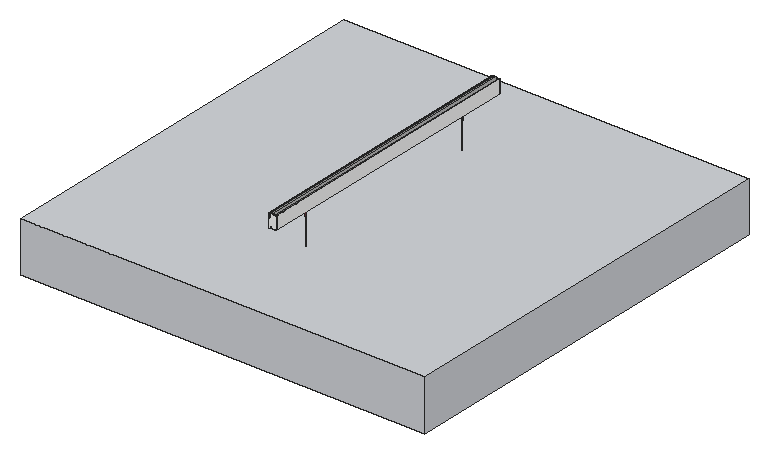
Revit family "LAMP_FIL 45 1680MM D-I OPAL COMFORT", category Luminarias, Revit 2018
Family settings
  Anfitrión = Cara
  Cota de conector redondo = Diámetro de uso
  Tipo de pieza = Normal
  Corte con vacíos al cargar = No
  Origen de luz = Sí
  Compartido = No
  Punto de cálculo de habitación = No
Parameters (values of type "6100LM 3000K  BLACK")
  Ángulo de inclinación = -90.00°
  Weight = 3.75 kg
  Wattage = 28.07 W
  UGR = "00"
  Type = "MID POWER TRIDONIC"
  built-in parameter 1150107 = 3000 (stored number, unit not read)
  Suspension distance [instance] = if(Suspension > 4000 mm, 4000 mm, if(Suspension < 1 mm, 1 mm, Suspension))  # 200 mm
  Suspension [instance] = 200 mm
  built-in parameter 1150110 = 1 (stored number, unit not read)
  built-in parameter 1150109 = 1 (stored number, unit not read)
  built-in parameter 1150112 = 1 (stored number, unit not read)
  built-in parameter 1150113 = 1 (stored number, unit not read)
  built-in parameter 1114218 = 1 (stored number, unit not read)
  Protection rating = "IP20 / IK07"
  Product datasheet = "http://www.lamp.es/product-files/TECH/F41SF168MOIP830NB-EN.pdf"
  Product code = "F41SF168MOIP830NB"
  Product URL = "https://www.lamp.es/en/family/fil-45_413951"
  Power Supply = "220-240V 50/60Hz"
  Power = 36 W
  Plum = 40.1 W
  Photobiological risk = ""
  NOT COVER 2 [instance] = not(END COVER 2)  # no
  NOT COVER 1 [instance] = not(END COVER 1)  # no
  built-in parameter 1150137 = (empty or 0)
  built-in parameter 1150132 = 2
  Modelo = Product code  # "F41SF168MOIP830NB"
  Model Explanation = ""
  Material suspension = LAMP_Acero genérico
  Material perfil = LAMP_Aluminio Perfil Fil NG
  Material difusor = LAMP_PC Difusor Opal Fil
  Manufacturer name = "LAMP"
  Manufacturer country = "Spain"
  Manufacturer URL = "http://www.lamp.es/en"
  MacAdam = "3"
  Longitud de línea de emisión = 1680 mm
  Last update = "21/04/2021"
  Lamp = "MID-POWER LED"
  LED Lifetime = "70.000 L80 B10"
  built-in parameter 1150105 = 211 (stored number, unit not read)
  built-in parameter 1150102 = (empty or 0)
  Insulation class = "I"
  Installation instructions = "https://www.lamp.es/product-files/INS/1004580-C%20INSTR.%20FIL45.pdf"
  Indirect light [instance] = LAMP_FIL 45 1680MM D-I OPAL COMFORT_I : 3000K
  built-in parameter 1150106 = 2.11 (stored number, unit not read)
  IEE = "A+"
  Gear = "Electronic"
  Lumens = 2651.49 lm
  Finish = "Matte black RAL 9011"
  Color Filter = 16777215
  built-in parameter 1114217 = 1 (stored number, unit not read)
  built-in parameter 1150139 = (empty or 0)
  Fabricante = Manufacturer name  # "LAMP"
  Default Elevation = 1219.2 mm
  built-in parameter 1150104 = 8.7756 (stored number, unit not read)
  Efficacy = 94.45 lm/W
  END COVER 2 [instance] = yes
  END COVER 1 [instance] = yes
  Dimensions = "1680x45x80"
  Descripción = "FIL45 SUR 1680 6100 WW D/I OP COMF BK."
  built-in parameter 1150115 = 1 (stored number, unit not read)
  built-in parameter 1150114 = 1 (stored number, unit not read)
  built-in parameter 1150138 = (empty or 0)
  built-in parameter 1150134 = 3
  Dimming Lamp Color Temperature Shift = (empty or 0)
  CRI = "80"
  Archivo de red fotométrica = "F41SF168MOIP830NW_D.IES"
  built-in parameter 1150133 = 10 (stored number, unit not read)
Types (12, lengths in mm): name | Weight | built-in parameter 1150107 | Product datasheet | Product code | Modelo | Material perfil | built-in parameter 1150105 | Indirect light | built-in parameter 1150106 | Lumens | Finish | built-in parameter 1150104 | Efficacy | Descripción | Archivo de red fotométrica
  6100LM 3000K DALI BLACK | 3.876 kg | 3000 (stored number, unit not read) | "http://www.lamp.es/product-files/TECH/F41SF168MOIP830DB-EN.pdf" | "F41SF168MOIP830DB" | "F41SF168MOIP830DB" | LAMP_Aluminio Perfil Fil NG | 211 (stored number, unit not read) | LAMP_FIL 45 1680MM D-I OPAL COMFORT_I : 3000K | 2.11 (stored number, unit not read) | 2651.49 lm | "Matte black RAL 9011" | 8.7756 (stored number, unit not read) | 94.45 lm/W | "FIL45 SUR 1680 6100 WW D/I OP COMF DA BK" | "F41SF168MOIP830NW_D.IES"
  6100LM 3000K DALI GREY | 3.876 kg | 3000 (stored number, unit not read) | "http://www.lamp.es/product-files/TECH/F41SF168MOIP830DG-EN.pdf" | "F41SF168MOIP830DG" | "F41SF168MOIP830DG" | LAMP_Aluminio Perfil Fil GR | 211 (stored number, unit not read) | LAMP_FIL 45 1680MM D-I OPAL COMFORT_I : 3000K | 2.11 (stored number, unit not read) | 2651.49 lm | "Gloss grey" | 8.7756 (stored number, unit not read) | 94.45 lm/W | "FIL45 SUR 1680 6100 WW D/I OP COMF DA GR" | "F41SF168MOIP830NW_D.IES"
  6100LM 3000K DALI WHITE | 3.876 kg | 3000 (stored number, unit not read) | "http://www.lamp.es/product-files/TECH/F41SF168MOIP830DW-EN.pdf" | "F41SF168MOIP830DW" | "F41SF168MOIP830DW" | LAMP_Aluminio Perfil Fil BL | 211 (stored number, unit not read) | LAMP_FIL 45 1680MM D-I OPAL COMFORT_I : 3000K | 2.11 (stored number, unit not read) | 2651.49 lm | "Matte white RAL 9010" | 8.7756 (stored number, unit not read) | 94.45 lm/W | "FIL45 SUR 1680 6100 WW D/I OP COMF DA WH" | "F41SF168MOIP830NW_D.IES"
  6100LM 3000K  BLACK | 3.75 kg | 3000 (stored number, unit not read) | "http://www.lamp.es/product-files/TECH/F41SF168MOIP830NB-EN.pdf" | "F41SF168MOIP830NB" | "F41SF168MOIP830NB" | LAMP_Aluminio Perfil Fil NG | 211 (stored number, unit not read) | LAMP_FIL 45 1680MM D-I OPAL COMFORT_I : 3000K | 2.11 (stored number, unit not read) | 2651.49 lm | "Matte black RAL 9011" | 8.7756 (stored number, unit not read) | 94.45 lm/W | "FIL45 SUR 1680 6100 WW D/I OP COMF BK." | "F41SF168MOIP830NW_D.IES"
  6100LM 3000K  GREY | 3.75 kg | 3000 (stored number, unit not read) | "http://www.lamp.es/product-files/TECH/F41SF168MOIP830NG-EN.pdf" | "F41SF168MOIP830NG" | "F41SF168MOIP830NG" | LAMP_Aluminio Perfil Fil GR | 211 (stored number, unit not read) | LAMP_FIL 45 1680MM D-I OPAL COMFORT_I : 3000K | 2.11 (stored number, unit not read) | 2651.49 lm | "Gloss grey" | 8.7756 (stored number, unit not read) | 94.45 lm/W | "FIL45 SUR 1680 6100 WW D/I OP COMF GR." | "F41SF168MOIP830NW_I.IES"
  6100LM 3000K  WHITE | 3.75 kg | 3000 (stored number, unit not read) | "http://www.lamp.es/product-files/TECH/F41SF168MOIP830NW-EN.pdf" | "F41SF168MOIP830NW" | "F41SF168MOIP830NW" | LAMP_Aluminio Perfil Fil BL | 211 (stored number, unit not read) | LAMP_FIL 45 1680MM D-I OPAL COMFORT_I : 3000K | 2.11 (stored number, unit not read) | 2651.49 lm | "Matte white RAL 9010" | 8.7756 (stored number, unit not read) | 94.45 lm/W | "FIL45 SUR 1680 6100 WW D/I OP COMF WH." | "F41SF168MOIP830NW_D.IES"
  6100LM 4000K DALI BLACK | 3.876 kg | 4000 (stored number, unit not read) | "http://www.lamp.es/product-files/TECH/F41SF168MOIP840DB-EN.pdf" | "F41SF168MOIP840DB" | "F41SF168MOIP840DB" | LAMP_Aluminio Perfil Fil NG | 239.59 (stored number, unit not read) | LAMP_FIL 45 1680MM D-I OPAL COMFORT_I : 3000K | 2.3959 (stored number, unit not read) | 3010.79 lm | "Matte black RAL 9011" | 9.9648 (stored number, unit not read) | 107.25 lm/W | "FIL45 SUR 1680 6100 NW D/I OP COMF DA BK" | "F41SF168MOIP840NW_D.IES"
  6100LM 4000K DALI GREY | 3.876 kg | 4000 (stored number, unit not read) | "http://www.lamp.es/product-files/TECH/F41SF168MOIP840DG-EN.pdf" | "F41SF168MOIP840DG" | "F41SF168MOIP840DG" | LAMP_Aluminio Perfil Fil GR | 239.59 (stored number, unit not read) | LAMP_FIL 45 1680MM D-I OPAL COMFORT_I : 4000K | 2.3959 (stored number, unit not read) | 3010.79 lm | "Gloss grey" | 9.9648 (stored number, unit not read) | 107.25 lm/W | "FIL45 SUR 1680 6100 NW D/I OP COMF DA GR" | "F41SF168MOIP840NW_D.IES"
  6100LM 4000K DALI WHITE | 3.876 kg | 4000 (stored number, unit not read) | "http://www.lamp.es/product-files/TECH/F41SF168MOIP840DW-EN.pdf" | "F41SF168MOIP840DW" | "F41SF168MOIP840DW" | LAMP_Aluminio Perfil Fil BL | 239.59 (stored number, unit not read) | LAMP_FIL 45 1680MM D-I OPAL COMFORT_I : 4000K | 2.3959 (stored number, unit not read) | 3010.79 lm | "Matte white RAL 9010" | 9.9648 (stored number, unit not read) | 107.25 lm/W | "FIL45 SUR 1680 6100 NW D/I OP COMF DA WH" | "F41SF168MOIP840NW_D.IES"
  6100LM 4000K  BLACK | 3.75 kg | 4000 (stored number, unit not read) | "http://www.lamp.es/product-files/TECH/F41SF168MOIP840NB-EN.pdf" | "F41SF168MOIP840NB" | "F41SF168MOIP840NB" | LAMP_Aluminio Perfil Fil NG | 239.59 (stored number, unit not read) | LAMP_FIL 45 1680MM D-I OPAL COMFORT_I : 4000K | 2.3959 (stored number, unit not read) | 3010.79 lm | "Matte black RAL 9011" | 9.9648 (stored number, unit not read) | 107.25 lm/W | "FIL45 SUR 1680 6100 NW D/I OP COMF BK." | "F41SF168MOIP840NW_D.IES"
  6100LM 4000K  GREY | 3.75 kg | 4000 (stored number, unit not read) | "http://www.lamp.es/product-files/TECH/F41SF168MOIP840NG-EN.pdf" | "F41SF168MOIP840NG" | "F41SF168MOIP840NG" | LAMP_Aluminio Perfil Fil GR | 239.59 (stored number, unit not read) | LAMP_FIL 45 1680MM D-I OPAL COMFORT_I : 4000K | 2.3959 (stored number, unit not read) | 3010.79 lm | "Gloss grey" | 9.9648 (stored number, unit not read) | 107.25 lm/W | "FIL45 SUR 1680 6100 NW D/I OP COMF GR." | "F41SF168MOIP840NW_D.IES"
  6100LM 4000K  WHITE | 3.75 kg | 4000 (stored number, unit not read) | "http://www.lamp.es/product-files/TECH/F41SF168MOIP840NW-EN.pdf" | "F41SF168MOIP840NW" | "F41SF168MOIP840NW" | LAMP_Aluminio Perfil Fil BL | 239.59 (stored number, unit not read) | LAMP_FIL 45 1680MM D-I OPAL COMFORT_I : 4000K | 2.3959 (stored number, unit not read) | 3010.79 lm | "Matte white RAL 9010" | 9.9648 (stored number, unit not read) | 107.25 lm/W | "FIL45 SUR 1680 6100 NW D/I OP COMF WH." | "F41SF168MOIP840NW_D.IES"
Reference planes
  plane 1 "Centro (Frontal/Posterior)": y = 0
  plane 2: z = 0
  plane 3 "Centro (Izquierda/Derecha)": x = 0
Forms (mm)
  Extrusion 1, solid
    sketch origin (0, 0, 0) x (1, 0, 0) y (0, 1, 0)
      loop
        line (-1219.2, 1219.2) -> (-1219.2, -1219.2) -> (1219.2, -1219.2) -> (1219.2, 1219.2) -> (-1219.2, 1219.2)
    from 0 to -304.8
  Extrusion 2, solid, material "LAMP_Aluminio Perfil Fil NG" <- "Material perfil"
    sketch origin (0, 0, 0) x (1, 0, 0) y (0, 0, 1)
      loop
        arc (22.5, 285.7) -> (21.5, 286.7) -> (20.5, 285.7) r 1
        line (20.5, 285.7) -> (20.5, 284.2) -> (17.8, 284.2) -> (17.8, 259) -> (0, 259) -> (-17.8, 259) -> (-17.8, 284.2) -> (-20.5, 284.2) -> (-20.5, 285.7)
        arc (-20.5, 285.7) -> (-21.5, 286.7) -> (-22.5, 285.7) r 1
        line (-22.5, 285.7) -> (-22.5, 206.5) -> (-20.7, 206.5) -> (-20.7, 210) -> (-12.5, 210) -> (-12.5, 208) -> (-14.8, 208) -> (-14.5, 206.5) -> (-11, 206.5) -> (-11, 214.5) -> (0, 214.5) -> (11, 214.5) -> (11, 206.5) -> (14.5, 206.5) -> (14.8, 208) -> (12.5, 208) -> (12.5, 210) -> (20.7, 210) -> (20.7, 206.5) -> (22.5, 206.5) -> (22.5, 285.7)
    from -840 to 840
  Extrusion 3, solid, material "LAMP_Acero genérico" <- "Material suspension"
    sketch origin (0, 0, 0) x (1, 0, 0) y (0, 0, 1)
      loop
        line (-12.5, 201) -> (-15.291, 208.272) -> (-12.823, 210) -> (-13.823, 210) -> (-16.291, 208.272) -> (-13.116, 200) -> (0, 200) -> (13.116, 200) -> (16.291, 208.272) -> (13.823, 210) -> (12.823, 210) -> (15.291, 208.272) -> (12.5, 201) -> (0, 201) -> (-12.5, 201)
    from -600 to -578
  Extrusion 4, solid, material "LAMP_Acero genérico" <- "Material suspension"
    sketch origin (0, -224, 0) x (1, 0, 0) y (0, 1, 0)
      loop
        circle (0, -365) r 5
    from 163.2 to 200
  Extrusion 5, solid, material "LAMP_Acero genérico" <- "Material suspension"
    sketch origin (0, 224, 0) x (1, 0, 0) y (0, 1, 0)
      loop
        circle (0, 365) r 5
    from 163.2 to 200
  Extrusion 6, solid, material "LAMP_Acero genérico" <- "Material suspension"
    sketch origin (0, -200, 0) x (1, 0, 0) y (0, 1, 0)
      loop
        circle (0, -389) r 1
    from 0 to 163.2
  Extrusion 7, solid, material "LAMP_Acero genérico" <- "Material suspension"
    sketch origin (0, 200, 0) x (1, 0, 0) y (0, 1, 0)
      loop
        circle (0, 389) r 1
    from 0 to 163.2
  Extrusion 8, solid, material "LAMP_PC Difusor Opal Fil" <- "Material difusor"
    sketch origin (0, 0, 0) x (1, 0, 0) y (0, 0, 1)
      loop
        line (-20.5, 284.2) -> (0, 284.2) -> (20.5, 284.2) -> (20.5, 286.7) -> (0, 286.7) -> (-20.5, 286.7) -> (-20.5, 284.2)
    from -840 to 840
  Extrusion 9, solid, material "LAMP_Acero genérico" <- "Material suspension"
    sketch origin (0, -200, 0) x (1, 0, 0) y (0, 0, -1)
      loop
        line (-12.5, -201) -> (0, -201) -> (12.5, -201) -> (15.291, -208.272) -> (12.823, -210) -> (13.823, -210) -> (16.291, -208.272) -> (13.116, -200) -> (0, -200) -> (-13.116, -200) -> (-16.291, -208.272) -> (-13.823, -210) -> (-12.823, -210) -> (-15.291, -208.272) -> (-12.5, -201)
    from -400 to -378
  Extrusion 10, solid, material "LAMP_PC Difusor Opal Fil" <- "Material difusor"
    sketch origin (0, 0, 0) x (1, 0, 0) y (0, 0, 1)
      loop
        line (-11, 214.5) -> (-11, 206.5) -> (-7.529, 206.5) -> (11, 206.5) -> (11, 214.5) -> (10, 214.5) -> (10, 207.5) -> (-10, 207.5) -> (-10, 214.5) -> (-11, 214.5)
    from -840 to 840
Lines and regions (mm)
  reference lines
    curve 1: line (0, -445.47, 200) -> (0, 544.53, 200)
Text (mm)
  text "Any modification of the parameters and properties of the LAMP BIM models must be executed and validated by the LAMP technical department.\nPhone: +34 93 736 68 00\nE-mail: lamp@lamp.es\n\nLAMP reserves the right to modify the technical specifications of its products." at (3279.264, 5298.162, -2684.539), in view "Preview"
Dimensions and locks
  "Suspension distance": level to curve 1
  locked: Extrusion 4 to Extrusion 4 at 36.8
  locked: Extrusion 5 to Extrusion 5 at 36.8
  aligned and locked: plane 2 to Extrusion 1
  aligned and locked: level to Extrusion 1
  aligned and locked: Extrusion 8 to Extrusion 2  (x2)
  aligned and locked: Extrusion 9 to curve 1
  aligned and locked: curve 1 to Extrusion 3
  aligned and locked: curve 1 to Extrusion 4
  aligned and locked: Extrusion 5 to curve 1
  aligned and locked: Extrusion 6 to Extrusion 4
  aligned and locked: Extrusion 7 to Extrusion 5
  aligned and locked: Extrusion 2 to Extrusion 9  (x2)
  aligned and locked: imposter light to Extrusion 8
  aligned and locked: Extrusion 10 to Extrusion 2
  aligned and locked: nested 1 to Extrusion 2  (x2)
  aligned and locked: nested 2 to Extrusion 2
Automatic sketch dimensions
  Extrusion 1 sketch curve to Extrusion 1 sketch curve = 2438.4 mm  (x2)
  Extrusion 3 sketch curve to plane 3 "Centro (Izquierda/Derecha)" = 0 mm  (x2)
  Extrusion 3 sketch curve to Extrusion 3 sketch curve = 12.5 mm
  Extrusion 3 sketch curve to Extrusion 3 sketch curve = 0.323 mm  (x2)
  Extrusion 3 sketch curve to Extrusion 3 sketch curve = 0.616 mm  (x2)
  Extrusion 3 sketch curve to Extrusion 3 sketch curve = 1 mm  (x5)
  Extrusion 3 sketch curve to Extrusion 3 sketch curve = 1.468 mm  (x2)
  plane 3 "Centro (Izquierda/Derecha)" to Extrusion 3 sketch curve = 12.5 mm
  level to Extrusion 3 sketch curve = 200 mm
  Extrusion 3 sketch curve to Extrusion 3 sketch curve = 7.272 mm  (x2)
  Extrusion 3 sketch curve to Extrusion 3 sketch curve = 0 mm  (x2)
  Extrusion 3 sketch curve to Extrusion 3 sketch curve = 1.728 mm  (x2)
  Extrusion 4 sketch curve to plane 3 "Centro (Izquierda/Derecha)" = 0 mm
  plane 1 "Centro (Frontal/Posterior)" to Extrusion 4 sketch curve = 589 mm
  Extrusion 5 sketch curve to plane 3 "Centro (Izquierda/Derecha)" = 0 mm
  plane 1 "Centro (Frontal/Posterior)" to Extrusion 5 sketch curve = 589 mm
  Extrusion 6 sketch curve to plane 3 "Centro (Izquierda/Derecha)" = 0 mm
  plane 1 "Centro (Frontal/Posterior)" to Extrusion 6 sketch curve = 589 mm
  Extrusion 7 sketch curve to plane 3 "Centro (Izquierda/Derecha)" = 0 mm
  plane 1 "Centro (Frontal/Posterior)" to Extrusion 7 sketch curve = 589 mm
  Extrusion 2 sketch curve to plane 3 "Centro (Izquierda/Derecha)" = 0 mm  (x2)
  Extrusion 2 sketch curve to plane 3 "Centro (Izquierda/Derecha)" = 11 mm
  Extrusion 2 sketch curve to Extrusion 2 sketch curve = 1.5 mm  (x6)
  Extrusion 2 sketch curve to Extrusion 2 sketch curve = 2 mm  (x2)
  Extrusion 2 sketch curve to Extrusion 2 sketch curve = 0.3 mm  (x2)
  Extrusion 2 sketch curve to Extrusion 2 sketch curve = 17.8 mm
  Extrusion 2 sketch curve to Extrusion 2 sketch curve = 2.7 mm  (x2)
  Extrusion 2 sketch curve to Extrusion 2 sketch curve = 5.9 mm  (x2)
  Extrusion 2 sketch curve to Extrusion 2 sketch curve = 1 mm  (x2)
  plane 3 "Centro (Izquierda/Derecha)" to Extrusion 2 sketch curve = 11 mm
  plane 3 "Centro (Izquierda/Derecha)" to Extrusion 2 sketch curve = 17.8 mm
  level to Extrusion 2 sketch curve = 206.5 mm
  Extrusion 2 sketch curve to Extrusion 2 sketch curve = 0 mm  (x3)
  Extrusion 2 sketch curve to Extrusion 2 sketch curve = 3.5 mm  (x2)
  Extrusion 2 sketch curve to Extrusion 2 sketch curve = 4.5 mm
  Extrusion 2 sketch curve to Extrusion 2 sketch curve = 44.5 mm
  Extrusion 2 sketch curve to Extrusion 2 sketch curve = 25.2 mm  (x2)
  Extrusion 8 sketch curve to plane 3 "Centro (Izquierda/Derecha)" = 0 mm  (x2)
  Extrusion 8 sketch curve to Extrusion 8 sketch curve = 20.5 mm
  plane 3 "Centro (Izquierda/Derecha)" to Extrusion 8 sketch curve = 20.5 mm
  level to Extrusion 8 sketch curve = 284.2 mm
  Extrusion 8 sketch curve to Extrusion 8 sketch curve = 2.5 mm
  Extrusion 9 sketch curve to plane 3 "Centro (Izquierda/Derecha)" = 0 mm  (x2)
  Extrusion 9 sketch curve to Extrusion 9 sketch curve = 12.5 mm
  Extrusion 9 sketch curve to Extrusion 9 sketch curve = 0.323 mm  (x2)
  Extrusion 9 sketch curve to Extrusion 9 sketch curve = 0.616 mm  (x2)
  Extrusion 9 sketch curve to Extrusion 9 sketch curve = 1 mm  (x5)
  Extrusion 9 sketch curve to Extrusion 9 sketch curve = 1.468 mm  (x2)
  plane 3 "Centro (Izquierda/Derecha)" to Extrusion 9 sketch curve = 12.5 mm
  level to Extrusion 9 sketch curve = 210 mm
  Extrusion 9 sketch curve to Extrusion 9 sketch curve = 0 mm  (x3)
  Extrusion 9 sketch curve to Extrusion 9 sketch curve = 1.728 mm  (x2)
  Extrusion 9 sketch curve to Extrusion 9 sketch curve = 7.272 mm
  Extrusion 10 sketch curve to plane 3 "Centro (Izquierda/Derecha)" = 11 mm
  Extrusion 10 sketch curve to Extrusion 10 sketch curve = 1 mm  (x3)
  Extrusion 10 sketch curve to Extrusion 10 sketch curve = 2.471 mm
  plane 3 "Centro (Izquierda/Derecha)" to Extrusion 10 sketch curve = 10 mm
  level to Extrusion 10 sketch curve = 206.5 mm
  Extrusion 10 sketch curve to Extrusion 10 sketch curve = 7 mm  (x2)
  plane 1 "Centro (Frontal/Posterior)" to curve 1 = 445.47 mm
  curve 1 to plane 1 "Centro (Frontal/Posterior)" = 544.53 mm
  radius of Extrusion 4 sketch curve = 5 mm
  radius of Extrusion 5 sketch curve = 5 mm
  radius of Extrusion 6 sketch curve = 1 mm
  radius of Extrusion 7 sketch curve = 1 mm
Nested families
  nested 1: "LAMP_FIL 45 END COVER SURFACE" at (0, -841, 206.5), visible <- "END COVER 1", type "LAMP_FIL 45 END COVER SURFACE"
  nested 2: "LAMP_FIL 45 END COVER SURFACE" at (0, 841, 206.5), visible <- "END COVER 2", type "LAMP_FIL 45 END COVER SURFACE"
  nested 3: "LAMP_FIL 45 1680MM D-I OPAL COMFORT_I" at (0, -0.146, -1293.5), type "3000K"
Connectors
  electrical at (0, 589, 200)
    settings: on Extrusion 5, index 1, voltage 230 V, apparent load 0 VA, apparent load phase1 0 VA, apparent load phase2 0 VA, apparent load phase3 0 VA, power factor 1, load classification "Otro", number of poles 1, system type 31, power factor state 1, is connector primary yes, connector utility no, sub classification motor no, connector description ""
Definition of nested family "LAMP_FIL 45 END COVER SURFACE"
  Parameters (values of type "Blanco")
    Material tapa = none
  Reference planes
    plane 1 "Centro (Frontal/Posterior)": y = 0
    plane 2: z = 0
    plane 3 "Centro (Izquierda/Derecha)": x = 0
  Forms (mm)
    Extrusion 1, solid, material <- "Material tapa"
      sketch origin (0, 0, 0) x (0, -1, 0) y (0, 0, 1)
        loop
          line (0, 0) -> (1, 0) -> (1, 80) -> (-1, 80) -> (-1, 0) -> (0, 0)
      from -22.5 to 22.5
  Dimensions and locks
    aligned and locked: level to plane 2
Definition of nested family "LAMP_FIL 45 1680MM D-I OPAL COMFORT_I"
  Parameters (values of type "3000K")
    Tilt Angle = -90.00°
    Wattage = 12.03 W
    built-in parameter 1150110 = 1 (stored number, unit not read)
    built-in parameter 1114217 = 1 (stored number, unit not read)
    built-in parameter 1150109 = 1 (stored number, unit not read)
    built-in parameter 1150134 = (empty or 0)
    built-in parameter 1150113 = 1 (stored number, unit not read)
    Lumens = 1136.35 lm
    built-in parameter 1150115 = 1 (stored number, unit not read)
    built-in parameter 1150105 = 90.428 (stored number, unit not read)
    built-in parameter 1150137 = (empty or 0)
    built-in parameter 1150139 = (empty or 0)
    built-in parameter 1150112 = 1 (stored number, unit not read)
    built-in parameter 1150114 = 1 (stored number, unit not read)
    built-in parameter 1150132 = 2
    built-in parameter 1150102 = (empty or 0)
    built-in parameter 1150138 = (empty or 0)
    built-in parameter 1150107 = 3000 (stored number, unit not read)
    built-in parameter 1150106 = 0.90428 (stored number, unit not read)
    built-in parameter 1150104 = 8.7756 (stored number, unit not read)
    Dimming Lamp Color Temperature Shift = (empty or 0)
    Color Filter = 16777215
    built-in parameter 1114218 = 1 (stored number, unit not read)
    Photometric Web File = "F41SF168MOIP830NW_I.IES"
    built-in parameter 1150133 = 10 (stored number, unit not read)
  Types (3, lengths in mm): name | built-in parameter 1150134 | Lumens | built-in parameter 1150105 | built-in parameter 1150107 | built-in parameter 1150106 | built-in parameter 1150104 | Photometric Web File
    (no name) | (empty or 0) | 1136.35 lm | 90.428 (stored number, unit not read) | 3000 (stored number, unit not read) | 0.90428 (stored number, unit not read) | 8.7756 (stored number, unit not read) | "F41SF168MOIP830NW_I.IES"
    3000K | (empty or 0) | 1136.35 lm | 90.428 (stored number, unit not read) | 3000 (stored number, unit not read) | 0.90428 (stored number, unit not read) | 8.7756 (stored number, unit not read) | "F41SF168MOIP830NW_I.IES"
    4000K | 12 | 1290.34 lm | 102.68 (stored number, unit not read) | 4000 (stored number, unit not read) | 1.0268 (stored number, unit not read) | 9.9648 (stored number, unit not read) | "F41SF168MOIP840NW_I.IES"
  Reference planes
    plane 1 "Eje de origen de luz (F/P)": y = 0
    plane 2: z = 0
    plane 3 "Eje de origen de luz (I/D)": x = 0
    plane 4 "Elevación de origen de luz": z = 1500
  Dimensions and locks
    aligned and locked: plane 3 "Eje de origen de luz (I/D)" to imposter light
    aligned and locked: plane 1 "Eje de origen de luz (F/P)" to imposter light
    aligned and locked: plane 4 "Elevación de origen de luz" to imposter light
    aligned and locked: level to plane 2
